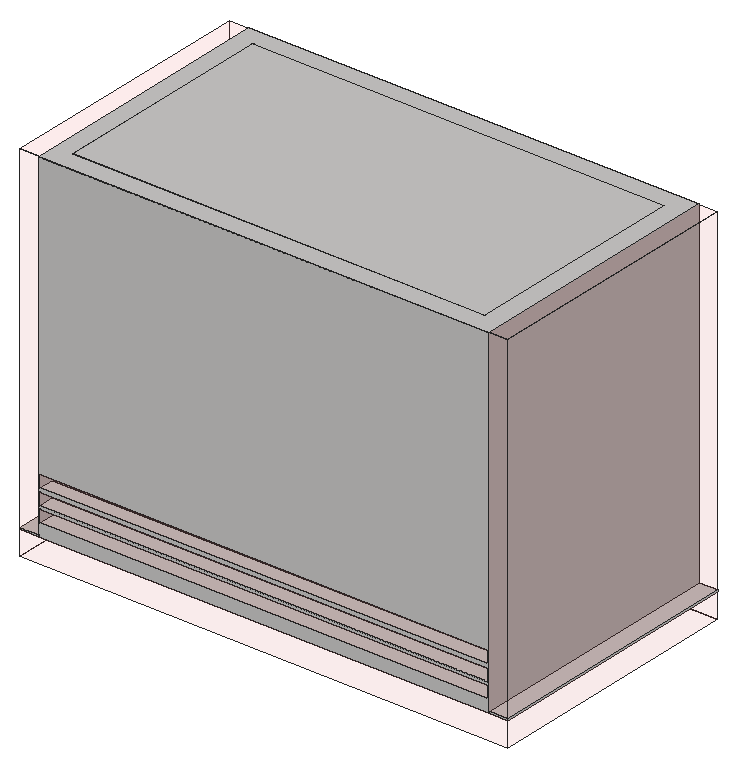
Revit family "Air-Curtain_Specialty_PoweredAire_HDC-Corrosive", category Mechanical Equipment, host Face, Revit 2025
Family settings
  Host = Face
  Round Connector Dimension = Use Diameter
  Part Type = Normal
  OmniClass Number = 23.75.35.17.21
  OmniClass Title = Air Curtains
  Cut with Voids When Loaded = No
  Maintain Annotation Orientation = No
  Shared = No
  Room Calculation Point = No
Parameters
  Warranty Duration (Years) = 0
  Unit Width Notes = "Other Widths available."  # constant formula
  Unit Width = 3' - 3"
  Unit Weight = 0
  Unit Height = 1' - 9"
  Unit Depth = 2' - 3 1/4"
  URL = "http://www.poweredaire.com/"
  Test Data = ""
  Standards Conformance = "as Specified"
  Specification = "http://www.arcat.com/sdspecs/htm04/23_34_33pai.htm"
  SpecWizard = ""
  Sound Pressure = "as Specified"
  Sales Information = "http://www.poweredaire.com/contact_us"
  Revision = "R1_2016-08"
  Projection from Host [instance] = 0' - 2"
  Product Properties = ""
  Product Data = "http://www.arcat.com/arcatcos/cos47/arc47623.html"
  Power Rating = 0 W
  Nozzle Width = if(1 = 1, Unit Width - 0' 3", 0' 0")  # 3' - 0"
  Mounting Width = if(1 = 1, Unit Width - 0' 1 1/2", 0' 0")  # 3' - 1 1/2"
  Mounting Height [instance] = 3' - 6"
  Motor RPM = 0
  Motor HP = 0
  Motor Count = 0
  Model = "As Specified"
  Max Height = 0' - 0"
  Manufacturer Website = "http://www.poweredaire.com/"
  Manufacturer Phone - Toll Free = "888-321-2473"
  Manufacturer Phone = "724-588-3305"
  Manufacturer Fax = "724-588-3371"
  Manufacturer Address = "109 Mortensen Rd.  Greenville, PA 16125"
  Manufacturer = "Powered Aire, Inc"
  Maintenance Schedule (Months) = 0
  Keynote = "23 34 33"
  Installation-Fabrication = ""
  Installation Phase = ""
  Include Clearance [instance] = yes
  Heating Element Load = 0 W
  HVAC_Temperature Rise = 0 °F
  HVAC_Outlet Volume = 0 CFM
  HVAC_Outlet Velocity Uniformity = 0
  HVAC_Outlet Velocity = 0 FPM
  Green Building-LEED = "http://www.arcat.com/green/clients/leed_data_47623.html"
  Front Grating Material [instance] = Metal - Steel - PoweredAire - Stainless 304 Perforated
  Frame Finish [instance] = Metal - Steel - PoweredAire - Stainless 304
  Expected Lifespan (Years) = 0
  Electrical_Wattage [instance] = Power Rating + Heating Element Load  # 0 W
  Electrical_Voltage [instance] = 0 V
  Electrical_Phase [instance] = 1
  Electrical_Frequency [instance] = 0 Hz
  Electrical_Amperage [instance] = 0 A
  Drawn By = "Sumex Design, Inc. / Robert S. Weygant, CSI, CDT, SCIP"
  Description = "Powered Aire Air Curtain as Specified"
  Default Elevation = 0' - 0"  # constant formula
  Copyright = "©Arcat Inc."
  Construction Details = "http://www.arcat.com/details/powair/prod3336.html"
  Clearance_Top [instance] = 0' - 0"
  Clearance_Side B [instance] = 0' - 0"
  Clearance_Side A [instance] = 0' - 0"
  Clearance_Intake [instance] = 0' - 0"
  Clearance_Bottom [instance] = 0' - 0"
  Clearance Material [instance] = ARCAT Clearance
  Building Codes = ""
  Available Options [instance] = "as Specified"
  Assembly Code = "D3090400"
Reference planes (in)
  plane 1 "Center (Elevation)": y = 10.63818
  plane 2: z = 0
  plane 3 "Center (Left/Right)": x = 0
  plane 4: y = 21.13818
  plane 5 "BoC": y = 0.13818
  plane 6: x = -19.5
  plane 7: x = 19.5
  plane 8: z = 29.25
  plane 9 "FF": y = -41.86182
  plane 10: z = 2
  plane 11: x = 18
  plane 12: x = -18
  plane 13: y = 21.13818
  plane 14: y = 0.13818
  plane 15: x = -19.5
  plane 16: x = 19.5
  plane 17: z = 29.25
  plane 18: y = 0.13818
  plane 19: x = 17.9375
  plane 20: x = -17.9375
Forms (in)
  Extrusion 1, solid, material "ARCAT Clearance" <- "Clearance Material", visible <- "Include Clearance"
    sketch origin (0, 0, 0) x (0, 1, 0) y (0, 0, 1)
      loop
        line (0.13818, 29.25) -> (0.13818, 0) -> (21.13818, 0) -> (21.13818, 29.25) -> (0.13818, 29.25)
    from -19.5 to 19.5
  Extrusion 2, solid, material "Metal - Steel - PoweredAire - Stainless 304" <- "Frame Finish"
    sketch origin (0, 10.63818, 0) x (1, 0, 0) y (0, 0, 1)
      loop
        line (18, 29.25) -> (-18, 29.25) -> (-18, 2) -> (18, 2) -> (18, 29.25)
    from -10.5 to 10.5
  Extrusion 3, void
    sketch origin (0, 0, 0) x (0, 1, 0) y (0, 0, 1)
      loop
        line (0.13818, 4) -> (0.13818, 3) -> (1.63818, 3) -> (1.63818, 6.5) -> (0.13818, 6.5) -> (0.13818, 5.5) -> (1.38818, 5.5) -> (1.38818, 5.25) -> (0.13818, 5.25) -> (0.13818, 4.25) -> (1.38818, 4.25) -> (1.38818, 4) -> (0.13818, 4)
    from -17.9375 to 17.9375
  Extrusion 4, solid, material "Metal - Steel - PoweredAire - Stainless 304 Perforated" <- "Front Grating Material"
    sketch origin (18, 10.63818, 29.25) x (-1, 0, 0) y (0, -1, 0)
      loop
        line (1.5, -9) -> (34.5, -9) -> (34.5, 9) -> (1.5, 9) -> (1.5, -9)
    from 0 to 0.03125
  Extrusion 5, solid, material "Metal - Steel - PoweredAire - Stainless 304" <- "Frame Finish"
    sketch origin (-15.17702, -180, 2) x (-1, 0, 0) y (0, -1, 0)
      loop
        line (4.32298, -201.13818) -> (4.32298, -180.13818) -> (2.82298, -180.13818) -> (2.82298, -201.13818) -> (4.32298, -201.13818)
      loop
        line (-34.67702, -201.13818) -> (-33.17702, -201.13818) -> (-33.17702, -180.13818) -> (-34.67702, -180.13818) -> (-34.67702, -201.13818)
    from 0 to 0.125
Cuts and joins
  Extrusion 3 cuts Extrusion 2
Dimensions and locks (in)
  equal spacing: plane 4, plane 1 "Center (Elevation)", plane 5 "BoC"
  "Unit Height": plane 4 to plane 5 "BoC"
  equal spacing: plane 6, plane 3 "Center (Left/Right)", plane 7
  "Unit Width": plane 6 to plane 7
  "Mounting Height": plane 5 "BoC" to plane 9 "FF"
  "Projection from Host": plane 10 to level
  "Unit Depth": plane 8 to plane 10
  locked: plane 6 to plane 12 at 1.5
  locked: plane 11 to plane 7 at 1.5
  "Clearance_Side A": plane 7 to plane 16
  "Clearance_Side B": plane 15 to plane 6
  "Clearance_Top": plane 13 to plane 4
  "Clearance_Bottom": plane 5 "BoC" to plane 14
  "Clearance_Intake": plane 17 to plane 8
  locked: plane 7 to Extrusion 2 sketch curve at 1.5
  locked: Extrusion 2 sketch curve to plane 6 at 1.5
  locked: plane 18 to plane 5 "BoC" at 0
  locked: plane 12 to Extrusion 4 sketch curve at 1.5
  locked: Extrusion 4 sketch curve to plane 11 at 1.5
  locked: Extrusion 4 sketch curve to plane 5 "BoC" at 1.5
  locked: plane 20 to plane 12 at 0.0625
  locked: plane 11 to plane 19 at 0.0625
  Extrusion 3 sketch curve to Extrusion 3 sketch curve to Extrusion 3 sketch curve to Extrusion 3 sketch curve to Extrusion 3 sketch curve to Extrusion 3 sketch curve to plane 10 = 0' - 1" locked, 0' - 0 1/4" locked, 0' - 1" locked, 0' - 0 1/4" locked, 0' - 1" locked, 0' - 1" locked
  locked: plane 4 to Extrusion 4 sketch curve at 1.5
  aligned and locked: plane 2 to host face
  aligned and locked: level to host face
  aligned and locked: Extrusion 1 sketch curve to plane 17
  aligned and locked: plane 14 to Extrusion 1 sketch curve
  aligned and locked: level to Extrusion 1 sketch curve
  aligned and locked: Extrusion 1 sketch curve to plane 13
  aligned and locked: plane 16 to Extrusion 1
  aligned and locked: Extrusion 1 to plane 15
  aligned and locked: Extrusion 2 to plane 4
  aligned and locked: Extrusion 2 to plane 18
  aligned and locked: Extrusion 2 sketch curve to plane 10
  aligned and locked: Extrusion 3 to plane 20
  aligned and locked: plane 19 to Extrusion 3
  aligned and locked: Extrusion 2 sketch curve to plane 8
  aligned and locked: plane 7 to Extrusion 5 sketch curve
  aligned and locked: Extrusion 5 sketch curve to plane 11
  aligned and locked: plane 6 to Extrusion 5 sketch curve
  aligned and locked: Extrusion 5 sketch curve to plane 12
  aligned and locked: plane 18 to Extrusion 5 sketch curve  (x2)
  aligned and locked: Extrusion 5 sketch curve to plane 4  (x2)
Automatic sketch dimensions
  host sketch curve to host sketch curve = 8' - 0"  (x2)
  Extrusion 3 sketch curve to plane 5 "BoC" = 0' - 0"  (x3)
  plane 18 to Extrusion 3 sketch curve = 0' - 1 1/4"
  Extrusion 3 sketch curve to Extrusion 3 sketch curve = 0' - 0"
  Extrusion 3 sketch curve to Extrusion 3 sketch curve = 0' - 0 1/4"
Connectors (in)
  electrical at (-18, 10.63818, 15.625), driven by "Electrical_Voltage", driven by "Electrical_Phase"
    settings: on cut or joined group of Extrusion 2, Extrusion 3, index 1, voltage 0 V, apparent load 0 VA, apparent load phase1 0 VA, apparent load phase2 0 VA, apparent load phase3 0 VA, power factor 1, load classification "Other", number of poles 1, system type 31, power factor state 1, is connector primary yes, connector utility no, sub classification motor no, connector description ""
